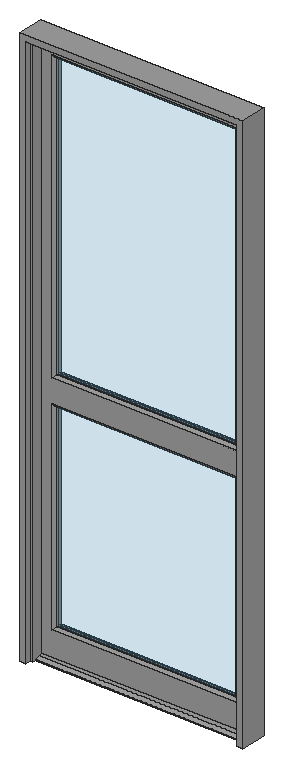
Revit family "NS-212 DOOR-VIP-0.25-CW_v04", category Curtain Panels, Revit 2015
Parameters
  Width [instance] = 3' - 2"
  VIP 2 Panic Devices [instance] = not(VIP 1 Panic Devices)  # yes
  VIP 1 Panic Devices [instance] = no
  URL = "obe.com"
  Rough Width [instance] = 3' - 0"
  Panel Width [instance] = [Min-Max Panel Width]  # 3' - 0"
  Panel Offset [instance] = 0' - 0"
  Offset [instance] = 0' - 0"
  Model = "NS-212 DOOR"
  Min-Max Rough Width [instance] = if(and((Rough Width > 3' 1 255/256"), (Rough Width < 3' 8 1/256")), Rough Width, 3' 2")  # 3' - 2"
  Min-Max Panel Width [instance] = if(and((Rough Width > 3' 1 255/256"), (Rough Width < 3' 8 1/256")), Rough Width - 0' 2", 3' 0")  # 3' - 0"
  Manufacturer = "Oldcastle BuildingEnvelope®"
  Keynote = "08 11 00"
  Hinge [instance] = yes
  Height [instance] = 8' - 0"
  Pushbar Height [instance] = 3' - 5 1/4"  # constant formula
  Glass Material = Glass
  Frame Material = Aluminum
  Door Panel Height [instance] = Height - 0' 0 5/8"  # 7' - 11 3/8"
  Description = "NS-212 - 1/4\" Door Infill"
  Assembly Code = "B2030"
  Analytic Construction = "<None>"
  6.5 Bottom Rail [instance] = not([4 Bottom Rail])  # no
  4 Bottom Rail [instance] = yes
Reference planes (in)
  plane 1 "Front": y = 0
  plane 2: z = 0
  plane 3 "Center (Left/Right)": x = 0
  plane 4 "Left": x = -19
  plane 5 "Right": x = 19
  plane 6 "Top": z = 96
  plane 7 "Offset": y = 0
  plane 8: y = -1.28244
  plane 9: y = -1.28244
  plane 10: x = -19
  plane 11: x = 19
Forms (in)
  Sweep 1, solid, material "Aluminum" <- "Frame Material"
    path origin (0, 0, 0) x (-1, 0, 0) y (0, 0, 1)
      loop
        line (19, 0) -> (19, 96)
    profile origin (-19, 0, 48) x (1, 0, 0) y (0, 1, 0)
      loop
        line (1, -1.97) -> (1, 0) -> (0, 0) -> (0, -4.5) -> (1, -4.5) -> (1, -3.595) -> (1.5, -3.595) -> (1.5, -1.97) -> (1, -1.97)
  Sweep 2, solid, material "Aluminum" <- "Frame Material"
    path origin (0, 0, 0) x (-1, 0, 0) y (0, 0, 1)
      loop
        line (-19, 0) -> (-19, 96)
    profile origin (19, 0, 48) x (1, 0, 0) y (0, 1, 0)
      loop
        line (-1, -1.97) -> (-1.5, -1.97) -> (-1.5, -3.595) -> (-1, -3.595) -> (-1, -4.5) -> (0, -4.5) -> (0, 0) -> (-1, 0) -> (-1, -1.97)
  Extrusion 3, solid, material "Aluminum" <- "Frame Material"
    sketch origin (-19, 0, 0) x (0, -1, 0) y (0, 0, 1)
      loop
        line (1.97, 94.5) -> (3.595, 94.5) -> (3.595, 95) -> (4.5, 95) -> (4.5, 96) -> (0, 96) -> (0, 95) -> (1.97, 95) -> (1.97, 94.5)
    from -38 to 0
Cuts and joins
  joined: Sweep 1, Sweep 2, Extrusion 3
Text (in)
  text "Exterior" at (-54.29358, 31.38743, 0), in view "Ref. Level"
  text "Exterior" at (480, 41.53993, 89.60405), in view "Right"
  text "Exterior" at (-240, 57.82419, 105.78864), in view "Left"
Dimensions and locks (in)
  equal spacing: plane 4 "Left", plane 3 "Center (Left/Right)", plane 5 "Right"
  "Width": plane 4 "Left" to plane 5 "Right"
  "Height": plane 6 "Top" to plane 2
  "Offset": plane 1 "Front" to plane 7 "Offset"
  locked: plane 7 "Offset" to plane 8 at 1.28244
  locked: plane 7 "Offset" to plane 9 at 1.28244
  Extrusion 3 sketch curve to Extrusion 3 sketch curve to Extrusion 3 sketch curve = 0' - 0 1/2" locked, 0' - 0" locked
  nested 1 to Extrusion 3 sketch curve to Extrusion 3 sketch curve to Extrusion 3 sketch curve to Extrusion 3 sketch curve = 0' - 0" locked, 0' - 1.97" locked, 0' - 1 5/8" locked, 0' - 0.905" locked
  equal spacing: plane 10, plane 3 "Center (Left/Right)", plane 11
  "Min-Max Rough Width": plane 10 to plane 11
  aligned and locked: level to plane 2
  aligned and locked: plane 3 "Center (Left/Right)" to nested 1
  aligned and locked: nested 1 to plane 7 "Offset"
  aligned and locked: plane 6 "Top" to Sweep 1 sketch curve
  aligned and locked: level to Sweep 1 sketch curve
  aligned and locked: plane 6 "Top" to Sweep 2 sketch curve
  aligned and locked: level to Sweep 2 sketch curve
  aligned and locked: Extrusion 3 to plane 6 "Top"
  aligned and locked: Extrusion 3 sketch curve to plane 6 "Top"
  aligned and locked: Sweep 2 sketch curve to plane 11
  aligned and locked: cut or joined group of Sweep 1, Sweep 2, Extrusion 3 to plane 10
  aligned and locked: Sweep 1 sketch curve to plane 10
  aligned and locked: plane 11 to cut or joined group of Sweep 1, Sweep 2, Extrusion 3
Automatic sketch dimensions
  Sweep 1 sketch curve to profile plane = 0' - 0"
  Sweep 1 sketch curve to plane 7 "Offset" = 0' - 0"
  Sweep 1 sketch curve to profile plane = 0' - 1"  (x2)
  Sweep 1 sketch curve to Sweep 1 sketch curve = 0' - 0 1/2"
  Sweep 1 sketch curve to plane 7 "Offset" = 0' - 1.97"
  Sweep 1 sketch curve to Sweep 1 sketch curve = 0' - 1 5/8"
  Sweep 1 sketch curve to Sweep 1 sketch curve = 0' - 0.905"
  Sweep 2 sketch curve to plane 7 "Offset" = 0' - 0"
  Sweep 2 sketch curve to profile plane = 0' - 0"
  profile plane to Sweep 2 sketch curve = 0' - 1"  (x2)
  Sweep 2 sketch curve to Sweep 2 sketch curve = 0' - 0 1/2"
  Sweep 2 sketch curve to plane 7 "Offset" = 0' - 1.97"
  Sweep 2 sketch curve to Sweep 2 sketch curve = 0' - 1 5/8"
  Sweep 2 sketch curve to Sweep 2 sketch curve = 0' - 0.905"
  plane 6 "Top" to Extrusion 3 sketch curve = 0' - 1"
Nested families (in)
  nested 1: "NS-212 DOOR-VIP-0.25-Panel_v03" at (0, -10, 0), Frame Material <- "Frame Material", Glass Material <- "Glass Material", 4 Bottom Rail <- "4 Bottom Rail", Hinge <- "Hinge", Height <- "Door Panel Height", Width <- "Min-Max Panel Width", VIP 1 Panic Devices <- "VIP 1 Panic Devices", Offset <- "Panel Offset", type "NS-212 DOOR-VIP-0.25-Panel_v03"
    with built-in parameter 1001301 3' - 0", VIP 2 Panic Devices yes, VIP 1 Panic Devices no, Pushbar Height 3' - 5 1/4", Offset 0' - 0", Hinge yes, built-in parameter 1001300 7' - 11 3/8", Glass at Muntin 0' - 4 9/16", Glass Material Glass, Frame Material Aluminum, Bottom Rail 0' - 4 31/32", 6.5 Bottom Rail no, 4 Bottom Rail yes
Definition of nested family "NS-212 DOOR-VIP-0.25-Panel_v03"
  Parameters (values of type "NS-212 DOOR-VIP-0.25-Panel_v03")
    Width [instance] = 3' - 0"
    VIP 2 Panic Devices [instance] = not(VIP 1 Panic Devices)  # yes
    VIP 1 Panic Devices [instance] = no
    Offset [instance] = 0' - 2"
    Hinge [instance] = yes
    Height [instance] = 8' - 0"
    Glass at Muntin [instance] = if(VIP 1 Panic Devices, 0' 8 9/16", 0' 4 9/16")  # 0' - 4 9/16"
    Pushbar Height [instance] = 3' - 5 1/4"  # constant formula
    Glass Material [instance] = none
    Frame Material [instance] = none
    Bottom Rail [instance] = if([4 Bottom Rail], 0' 4 31/32", 0' 7 15/32")  # 0' - 4 31/32"
    6.5 Bottom Rail [instance] = not([4 Bottom Rail])  # no
    4 Bottom Rail [instance] = yes
  Reference planes (in)
    plane 1 "00": y = 7.0625
    plane 2: z = 0
    plane 3 "Center (Left/Right)": x = 0
    plane 4: x = 18
    plane 5: x = -18
    plane 6 "Center (Front/Back)": y = 10
    plane 7 "Exterior": y = 7.1875
    plane 8: z = 48
    plane 9: z = 96
    plane 10: z = 5.50856
    plane 11: z = 43.53125
    plane 12: z = 38.96875
    plane 13: z = 4.96875
    plane 14: z = 92.96875
    plane 15 "Offset": y = 8
    plane 16: z = 41.25
  Forms (in)
    Sweep 1, solid, material <- "Frame Material"
      path origin (0, 7.0625, 10.12192) x (1, 0, 0) y (0, 0, 1)
        loop
          line (-17.78843, 95.5) -> (17.80279, 95.5)
      profile origin (0.00718, 7.0625, 105.62192) x (0, 0, 1) y (0, -1, 0)
        loop
          line (-10.12192, -0.875) -> (-10.12192, 0.875) -> (-12.36785, 0.875) -> (-12.87192, 0.45204) -> (-12.87192, 0.125) -> (-12.65317, 0.125) -> (-12.65317, -0.125) -> (-12.87192, -0.125) -> (-12.87192, -0.45204) -> (-12.36785, -0.875) -> (-10.12192, -0.875)
    Sweep 2, solid, material <- "Frame Material"
      path origin (0, 7.0625, 0) x (1, 0, 0) y (0, 0, 1)
        loop
          line (17.80279, 0) -> (-17.78843, 0)
      profile origin (0.00718, 7.0625, 0) x (0, 0, -1) y (0, -1, 0)
        loop
          line (-4.68343, -0.875) -> (-0.68749, -0.875) -> (-0.68749, 0.875) -> (-4.68343, 0.875) -> (-5.1875, 0.45204) -> (-5.1875, 0.125) -> (-4.96875, 0.125) -> (-4.96875, -0.125) -> (-5.1875, -0.125) -> (-5.1875, -0.45204) -> (-4.68343, -0.875)
        loop
          line (-0.19364, -1.8125) -> (0, -1.8125) -> (0, 2.1875) -> (-0.19364, 2.1875) -> (-0.5, 1.5305) -> (-0.5, -1.1555) -> (-0.19364, -1.8125)
    Sweep 3, solid, material <- "Frame Material"
      path origin (0, 7.0625, 0) x (1, 0, 0) y (0, 0, 1)
        loop
          line (18, 95.5) -> (18, 0.68749)
      profile origin (18, 7.0625, 48.09374) x (0, -1, 0) y (1, 0, 0)
        loop
          line (0.875, -0.08821) -> (-0.875, -0.19721) -> (-0.875, -2.20914) -> (-0.45204, -2.71321) -> (-0.125, -2.71321) -> (-0.125, -2.49446) -> (0.125, -2.49446) -> (0.125, -2.71321) -> (0.45204, -2.71321) -> (0.875, -2.20914) -> (0.875, -0.08821)
    Sweep 4, solid, material <- "Frame Material"
      path origin (0, 7.0625, 0) x (1, 0, 0) y (0, 0, 1)
        loop
          line (-18, 95.5) -> (-18, 0.68749)
      profile origin (-18, 7.0625, 48.09374) x (0, -1, 0) y (1, 0, 0)
        loop
          line (-0.875, 0.96157) -> (-0.875, 0.21157) -> (0.875, 0.09779) -> (0.875, 0.85257) -> (0.875, 2.21871) -> (0.45204, 2.72278) -> (0.125, 2.72278) -> (0.125, 2.50403) -> (-0.125, 2.50403) -> (-0.125, 2.72278) -> (-0.45204, 2.72278) -> (-0.875, 2.21871) -> (-0.875, 0.96157)
    Sweep 5, solid, material <- "Frame Material"
      path origin (0, 7.0625, 0) x (1, 0, 0) y (0, 0, 1)
        loop
          line (17.80279, 48) -> (-17.78843, 48)
      profile origin (0.00718, 7.0625, 48) x (0, 0, -1) y (0, -1, 0)
        loop
          line (4.24999, 0.45204) -> (4.24999, 0.125) -> (4.46875, 0.125) -> (4.46875, -0.125) -> (4.24999, -0.125) -> (4.24999, -0.45204) -> (4.75406, -0.875) -> (8.74593, -0.875) -> (9.25, -0.45204) -> (9.25, -0.125) -> (9.03125, -0.125) -> (9.03125, 0.125) -> (9.25, 0.125) -> (9.25, 0.45204) -> (8.74593, 0.875) -> (4.75406, 0.875) -> (4.24999, 0.45204)
    Extrusion 6, solid, material <- "Glass Material"
      sketch origin (0, 0, 0) x (1, 0, 0) y (0, 1, 0)
        loop
          line (-15.49597, 7.1875) -> (-15.49597, 6.9375) -> (15.50554, 6.9375) -> (15.50554, 7.1875) -> (-15.49597, 7.1875)
      from 43.53125 to 92.96875
    Extrusion 7, solid, material <- "Glass Material"
      sketch origin (0, 0, 0) x (1, 0, 0) y (0, 1, 0)
        loop
          line (-15.49597, 7.1875) -> (-15.49597, 6.9375) -> (15.50554, 6.9375) -> (15.50554, 7.1875) -> (-15.49597, 7.1875)
      from 4.96875 to 38.96875
  Cuts and joins
    joined: Sweep 1, Sweep 2, Sweep 3, Sweep 4, Sweep 5
  Lines and regions (in)
    model lines
      curve 1: line (15.28679, 7.1875, 92.75) -> (-15.27722, 7.1875, 48)
      curve 2: line (-15.27722, 7.1875, 48) -> (15.28679, 7.1875, 5.1875)
  Dimensions and locks (in)
    "Offset": plane 15 "Offset" to plane 6 "Center (Front/Back)"
    equal spacing: level, plane 8, plane 9
    "Width": plane 5 to plane 4
    locked: plane 5 to Extrusion 6 sketch curve at 2.50403
    locked: Extrusion 6 sketch curve to plane 4 at 2.49446
    locked: Extrusion 7 sketch curve to plane 4 at 2.49446
    locked: plane 5 to Extrusion 7 sketch curve at 2.50403
    locked: Sweep 1 sketch curve to plane 5 at 0.21157
    locked: plane 4 to Sweep 1 sketch curve at 0.19721
    locked: plane 4 to Sweep 5 sketch curve at 0.19721
    locked: Sweep 5 sketch curve to plane 5 at 0.21157
    locked: plane 4 to Sweep 2 sketch curve at 0.19721
    locked: Sweep 2 sketch curve to plane 5 at 0.21157
    "Height": plane 9 to plane 2
    "Glass at Muntin": plane 11 to plane 12
    locked: Sweep 5 sketch curve to plane 11 at 0.21876  (x2)
    locked: plane 11 to Sweep 5 sketch curve at 0.28531  (x2)
    locked: plane 12 to Sweep 5 sketch curve at 0.21875  (x2)
    locked: Sweep 5 sketch curve to plane 12 at 0.28532  (x2)
    locked: Sweep 2 sketch curve to plane 13 at 0.21875  (x2)
    locked: plane 13 to Sweep 2 sketch curve at 0.28532  (x2)
    "Bottom Rail": plane 13 to plane 2
    locked: plane 9 to plane 14 at 3.03125
    locked: plane 14 to Sweep 1 sketch curve at 0.21875  (x2)
    locked: Sweep 1 sketch curve to plane 14 at 0.28532  (x2)
    equal spacing: plane 5, plane 3 "Center (Left/Right)", plane 4
    plane 1 "00" to plane 7 "Exterior" to plane 15 "Offset" = 0' - 0 1/8" locked, 0' - 0 13/16" locked
    equal spacing: plane 11, plane 16, plane 12
    "Pushbar Height": plane 16 to plane 2
    locked: Sweep 4 sketch curve to plane 2 at 0.68749
    locked: Sweep 3 sketch curve to plane 2 at 0.68749
    locked: plane 9 to Sweep 3 sketch curve at 0.5
    locked: plane 9 to Sweep 4 sketch curve at 0.5
    aligned and locked: plane 2 to level
    aligned and locked: Sweep 2 sketch curve to level
    aligned and locked: plane 4 to Sweep 3 sketch curve
    aligned and locked: plane 5 to Sweep 4 sketch curve
    aligned and locked: Extrusion 7 to cut or joined group of Sweep 1, Sweep 2, Sweep 3, Sweep 4, Sweep 5
    aligned and locked: Extrusion 6 to cut or joined group of Sweep 1, Sweep 2, Sweep 3, Sweep 4, Sweep 5
    aligned and locked: Extrusion 6 to plane 11
    aligned and locked: plane 12 to Extrusion 7
    aligned and locked: plane 14 to Extrusion 6
    aligned and locked: plane 8 to curve 2
    aligned and locked: Extrusion 7 to plane 13
  Automatic sketch dimensions
    Sweep 1 sketch curve to plane 1 "00" = 0' - 0 7/8"
    Sweep 1 sketch curve to Sweep 1 sketch curve = 0' - 2.24593"
    Sweep 1 sketch curve to plane 1 "00" = 0' - 0.45204"
    Sweep 1 sketch curve to plane 1 "00" = 0' - 0 1/8"
    plane 1 "00" to Sweep 1 sketch curve = 0' - 0 1/8"
    plane 1 "00" to Sweep 1 sketch curve = 0' - 0 7/8"
    Sweep 1 sketch curve to Sweep 1 sketch curve = 0' - 0.32704"
    Sweep 3 sketch curve to plane 1 "00" = 0' - 0 7/8"
    profile plane to Sweep 3 sketch curve = 0' - 0.19721"
    plane 1 "00" to Sweep 3 sketch curve = 0' - 0 7/8"
    Sweep 3 sketch curve to Sweep 3 sketch curve = 0' - 2.01193"
    profile plane to Sweep 3 sketch curve = 0' - 0.08821"
    Sweep 3 sketch curve to plane 1 "00" = 0' - 0.45204"
    Sweep 3 sketch curve to plane 1 "00" = 0' - 0 1/8"
    Sweep 3 sketch curve to Sweep 3 sketch curve = 0' - 0.28532"
    Sweep 3 sketch curve to Sweep 3 sketch curve = 0' - 0 7/32"
    Sweep 3 sketch curve to Sweep 3 sketch curve = 0' - 0"
    Sweep 3 sketch curve to Sweep 3 sketch curve = 0' - 0.32704"
    Sweep 3 sketch curve to Sweep 3 sketch curve = 0' - 0.50407"
    plane 1 "00" to Sweep 3 sketch curve = 0' - 0 1/8"
    Sweep 4 sketch curve to profile plane = 0' - 0.96157"
    Sweep 4 sketch curve to plane 1 "00" = 0' - 0 7/8"
    Sweep 4 sketch curve to plane 1 "00" = 0' - 0.45204"
    Sweep 4 sketch curve to plane 1 "00" = 0' - 0 1/8"
    plane 1 "00" to Sweep 4 sketch curve = 0' - 0 1/8"
    Sweep 4 sketch curve to Sweep 4 sketch curve = 0' - 0.32704"
    Sweep 4 sketch curve to profile plane = 0' - 0.85257"
    plane 1 "00" to Sweep 4 sketch curve = 0' - 0 7/8"
    Sweep 4 sketch curve to profile plane = 0' - 0.21157"
    Sweep 4 sketch curve to Sweep 4 sketch curve = 0' - 1.36614"
    Sweep 4 sketch curve to Sweep 4 sketch curve = 0' - 1.25714"
    Sweep 4 sketch curve to Sweep 4 sketch curve = 0' - 0.28532"
    Sweep 4 sketch curve to Sweep 4 sketch curve = 0' - 0 7/32"  (x2)
    Sweep 4 sketch curve to profile plane = 0' - 0.09779"
    plane 7 "Exterior" to Extrusion 6 sketch curve = 0' - 0"
    plane 1 "00" to Extrusion 6 sketch curve = 0' - 0 1/8"
    plane 7 "Exterior" to Extrusion 7 sketch curve = 0' - 0"
    plane 1 "00" to Extrusion 7 sketch curve = 0' - 0 1/8"
    plane 8 to Sweep 5 sketch curve = 0' - 0"
    plane 9 to Sweep 1 sketch curve = 0' - 9.62192"
    Sweep 5 sketch curve to plane 1 "00" = 0' - 0 7/8"
    Sweep 5 sketch curve to plane 1 "00" = 0' - 0.45204"  (x2)
    Sweep 5 sketch curve to plane 1 "00" = 0' - 0 1/8"  (x2)
    plane 1 "00" to Sweep 5 sketch curve = 0' - 0 1/8"  (x2)
    Sweep 5 sketch curve to Sweep 5 sketch curve = 0' - 0.32704"  (x2)
    Sweep 5 sketch curve to Sweep 5 sketch curve = 0' - 0.42296"
    Sweep 2 sketch curve to profile plane = 0' - 0"
    Sweep 2 sketch curve to Sweep 2 sketch curve = 0' - 0.19364"  (x2)
    Sweep 2 sketch curve to plane 1 "00" = 0' - 0.45204"
    Sweep 2 sketch curve to plane 1 "00" = 0' - 0 1/8"
    plane 1 "00" to Sweep 2 sketch curve = 0' - 0 1/8"
    Sweep 2 sketch curve to Sweep 2 sketch curve = 0' - 0.32704"
    Sweep 2 sketch curve to Sweep 2 sketch curve = 0' - 0.42296"
    Sweep 2 sketch curve to Sweep 2 sketch curve = 0' - 0.6555"
    Sweep 2 sketch curve to Sweep 2 sketch curve = 0' - 0.657"  (x2)
    Sweep 5 sketch curve to Sweep 5 sketch curve = 0' - 0 7/32"  (x2)
    Sweep 2 sketch curve to Sweep 2 sketch curve = 0' - 0 7/32"
    Sweep 1 sketch curve to Sweep 1 sketch curve = 0' - 0 7/32"
    plane 5 to curve 1 = 0' - 2.72278"
    plane 13 to curve 2 = 0' - 0 7/32"
    curve 2 to plane 4 = 0' - 2.71321"
    curve 1 to plane 14 = 0' - 0 7/32"
    curve 1 to plane 4 = 0' - 2.71321"
    Sweep 2 sketch curve to Sweep 2 sketch curve = 0' - 1 3/4"
    profile plane to Sweep 2 sketch curve = 0' - 0 1/2"
    Sweep 2 sketch curve to Sweep 2 sketch curve = 0' - 0 3/16"
    Sweep 2 sketch curve to Sweep 2 sketch curve = 0' - 0.2805"
